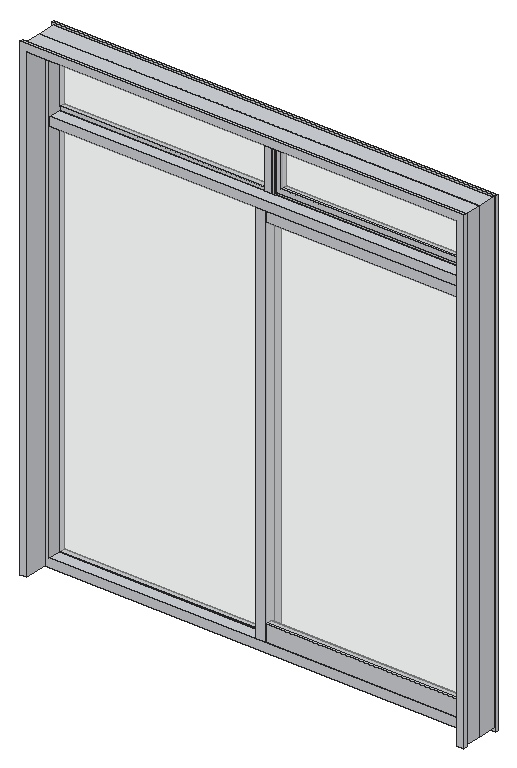
Revit family "APL Residential Thermal Heart Sliding Door SF with Overlight", category Doors, host Wall, Revit 2017 (continued)
Definition of nested family "APL Residential Thermal Heart Sliding Door SF Horizontal Section"
  Definition of nested family "Jamb Stile"
    Definition of nested family "65520_Lock Stile"
      Lines and regions (mm)
        model lines, in view "Ref. Level"
          curve 173: line (2.441, -21.991, 0) -> (2.078, -22.355, 0)
          curve 174: line (1.892, -22.442, 0) -> (-0.474, -22.649, 0)
          curve 175: line (-0.782, -22.247, 0) -> (-0.268, -20.837, 0)
          curve 176: line (0, -20.067, 0) -> (0, -12.5, 0)
          curve 177: line (0, -12.5, 0) -> (0.4, -12.1, 0)
          curve 178: line (0.4, -12.1, 0) -> (0, -11.7, 0)
          curve 179: line (0, -11.7, 0) -> (0, -3.465, 0)
          curve 180: line (-0.5, -2.965, 0) -> (-3.076, -2.965, 0)
          curve 181: line (-1.91, -1.181, 0) -> (3.754, -0.049, 0)
          curve 182: line (4.244, 0, 0) -> (64.615, 0, 0)
          curve 183: line (64.615, -0.75, 0) -> (64.245, -0.75, 0)
          curve 184: line (64.245, -0.75, 0) -> (64.245, -1.9, 0)
          curve 185: line (64.045, -2.1, 0) -> (63.202, -2.1, 0)
          curve 186: line (63.202, -2.1, 0) -> (63.202, -3.365, 0)
          curve 187: line (63.037, -3.562, 0) -> (61.684, -3.8, 0)
          curve 188: line (61.684, -3.8, 0) -> (60.853, -3.8, 0)
          curve 189: line (36.34, -17.25, 0) -> (2.401, -17.25, 0)
          curve 190: line (1.9, -16.75, 0) -> (1.9, -2.767, 0)
          curve 191: line (2.302, -2.276, 0) -> (4.137, -1.91, 0)
          curve 192: line (4.137, -1.91, 0) -> (36.438, -1.91, 0)
          curve 193: line (36.84, -2.4, 0) -> (36.84, -16.75, 0)
          curve 194: arc (36.84, -16.75, 0) -> (36.695, -17.105, 0) -> (36.34, -17.25, 0) r 0.496
          curve 195: arc (5.6, -33.95, 0) -> (5.883, -33.833, 0) -> (6, -33.55, 0) r 0.4
          curve 196: arc (6, -33.257, 0) -> (5.986, -33.154, 0) -> (5.946, -33.057, 0) r 0.4
          curve 197: arc (5.061, -31.529, 0) -> (4.941, -31.239, 0) -> (4.9, -30.928, 0) r 1.2
          curve 198: arc (4.9, -30.005, 0) -> (4.719, -29.432, 0) -> (4.242, -29.066, 0) r 1
          curve 199: arc (2.063, -28.273, 0) -> (1.872, -28.126, 0) -> (1.8, -27.897, 0) r 0.4
          curve 200: arc (1.8, -25.203, 0) -> (1.872, -24.974, 0) -> (2.063, -24.827, 0) r 0.4
          curve 201: arc (4.242, -24.034, 0) -> (4.719, -23.668, 0) -> (4.9, -23.095, 0) r 1
          curve 202: arc (4.9, -22.172, 0) -> (4.941, -21.861, 0) -> (5.061, -21.571, 0) r 1.2
          curve 203: arc (5.946, -20.043, 0) -> (5.986, -19.946, 0) -> (6, -19.843, 0) r 0.4
          curve 204: arc (6, -19.55, 0) -> (5.883, -19.267, 0) -> (5.6, -19.15, 0) r 0.4
          curve 205: arc (2.2, -19.15, 0) -> (1.917, -19.267, 0) -> (1.8, -19.55, 0) r 0.4
          curve 206: arc (1.8, -19.843, 0) -> (1.814, -19.946, 0) -> (1.854, -20.043, 0) r 0.4
          curve 207: arc (2.739, -21.571, 0) -> (2.86, -21.865, 0) -> (2.9, -22.18, 0) r 1.2
          curve 208: arc (2.9, -22.18, 0) -> (2.847, -22.355, 0) -> (2.703, -22.466, 0) r 0.3
          curve 209: arc (0.263, -23.354, 0) -> (0.072, -23.501, 0) -> (0, -23.73, 0) r 0.4
          curve 210: arc (0, -29.37, 0) -> (0.072, -29.599, 0) -> (0.263, -29.746, 0) r 0.4
          curve 211: arc (2.703, -30.634, 0) -> (2.847, -30.745, 0) -> (2.9, -30.92, 0) r 0.3
          curve 212: arc (2.9, -30.92, 0) -> (2.86, -31.235, 0) -> (2.739, -31.529, 0) r 1.2
          curve 213: arc (1.854, -33.057, 0) -> (1.814, -33.154, 0) -> (1.8, -33.257, 0) r 0.4
          curve 214: arc (1.8, -33.55, 0) -> (1.917, -33.833, 0) -> (2.2, -33.95, 0) r 0.4
          curve 215: line (6, -33.55, 0) -> (6, -33.257, 0)
          curve 216: line (5.946, -33.057, 0) -> (5.061, -31.529, 0)
          curve 217: line (4.9, -30.928, 0) -> (4.9, -30.005, 0)
          curve 218: line (4.242, -29.066, 0) -> (2.063, -28.273, 0)
          curve 219: line (1.8, -27.897, 0) -> (1.8, -25.203, 0)
          curve 220: line (2.063, -24.827, 0) -> (4.242, -24.034, 0)
          curve 221: line (4.9, -23.095, 0) -> (4.9, -22.172, 0)
          curve 222: line (5.061, -21.571, 0) -> (5.946, -20.043, 0)
          curve 223: line (6, -19.843, 0) -> (6, -19.55, 0)
          curve 224: line (5.6, -19.15, 0) -> (2.2, -19.15, 0)
          curve 225: line (1.8, -19.55, 0) -> (1.8, -19.843, 0)
          curve 226: line (1.854, -20.043, 0) -> (2.739, -21.571, 0)
          curve 227: line (2.703, -22.466, 0) -> (0.263, -23.354, 0)
          curve 228: line (0, -23.73, 0) -> (0, -29.37, 0)
          curve 229: line (0.263, -29.746, 0) -> (2.703, -30.634, 0)
          curve 230: line (2.739, -31.529, 0) -> (1.854, -33.057, 0)
          curve 231: line (1.8, -33.257, 0) -> (1.8, -33.55, 0)
          curve 232: line (2.2, -33.95, 0) -> (5.6, -33.95, 0)
          curve 233: arc (39.64, -32.8, 0) -> (39.357, -32.683, 0) -> (39.24, -32.4, 0) r 0.4
          curve 234: arc (39.24, -32.107, 0) -> (39.254, -32.004, 0) -> (39.294, -31.907, 0) r 0.4
          curve 235: arc (40.179, -30.379, 0) -> (40.299, -30.089, 0) -> (40.34, -29.778, 0) r 1.2
          curve 236: arc (40.34, -28.855, 0) -> (40.521, -28.282, 0) -> (40.998, -27.916, 0) r 1
          curve 237: arc (43.177, -27.123, 0) -> (43.368, -26.976, 0) -> (43.44, -26.747, 0) r 0.4
          curve 238: arc (43.44, -24.053, 0) -> (43.368, -23.824, 0) -> (43.177, -23.677, 0) r 0.4
          curve 239: arc (40.998, -22.884, 0) -> (40.521, -22.518, 0) -> (40.34, -21.945, 0) r 1
          curve 240: arc (40.34, -21.022, 0) -> (40.299, -20.711, 0) -> (40.179, -20.421, 0) r 1.2
          curve 241: arc (39.294, -18.893, 0) -> (39.254, -18.796, 0) -> (39.24, -18.693, 0) r 0.4
          curve 242: arc (39.24, -18.4, 0) -> (39.357, -18.117, 0) -> (39.64, -18, 0) r 0.4
          curve 243: arc (43.04, -18, 0) -> (43.323, -18.117, 0) -> (43.44, -18.4, 0) r 0.4
          curve 244: arc (43.44, -18.693, 0) -> (43.426, -18.796, 0) -> (43.386, -18.893, 0) r 0.4
          curve 245: arc (42.501, -20.421, 0) -> (42.38, -20.715, 0) -> (42.34, -21.03, 0) r 1.2
          curve 246: arc (42.34, -21.03, 0) -> (42.393, -21.205, 0) -> (42.537, -21.316, 0) r 0.3
          curve 247: arc (44.977, -22.204, 0) -> (45.168, -22.351, 0) -> (45.24, -22.58, 0) r 0.4
          curve 248: arc (45.24, -28.22, 0) -> (45.168, -28.449, 0) -> (44.977, -28.596, 0) r 0.4
          curve 249: arc (42.537, -29.484, 0) -> (42.393, -29.595, 0) -> (42.34, -29.77, 0) r 0.3
          curve 250: arc (42.34, -29.77, 0) -> (42.38, -30.085, 0) -> (42.501, -30.379, 0) r 1.2
          curve 251: arc (43.386, -31.907, 0) -> (43.426, -32.004, 0) -> (43.44, -32.107, 0) r 0.4
          curve 252: arc (43.44, -32.4, 0) -> (43.323, -32.683, 0) -> (43.04, -32.8, 0) r 0.4
          curve 253: line (39.24, -32.4, 0) -> (39.24, -32.107, 0)
          curve 254: line (39.294, -31.907, 0) -> (40.179, -30.379, 0)
          curve 255: line (40.34, -29.778, 0) -> (40.34, -28.855, 0)
          curve 256: line (40.998, -27.916, 0) -> (43.177, -27.123, 0)
          curve 257: line (43.44, -26.747, 0) -> (43.44, -24.053, 0)
          curve 258: line (43.177, -23.677, 0) -> (40.998, -22.884, 0)
          curve 259: line (40.34, -21.945, 0) -> (40.34, -21.022, 0)
          curve 260: line (40.179, -20.421, 0) -> (39.294, -18.893, 0)
          curve 261: line (39.24, -18.693, 0) -> (39.24, -18.4, 0)
          curve 262: line (39.64, -18, 0) -> (43.04, -18, 0)
          curve 263: line (43.44, -18.4, 0) -> (43.44, -18.693, 0)
          curve 264: line (43.386, -18.893, 0) -> (42.501, -20.421, 0)
          curve 265: line (42.537, -21.316, 0) -> (44.977, -22.204, 0)
          curve 266: line (45.24, -22.58, 0) -> (45.24, -28.22, 0)
          curve 267: line (44.977, -28.596, 0) -> (42.537, -29.484, 0)
          curve 268: line (42.501, -30.379, 0) -> (43.386, -31.907, 0)
          curve 269: line (43.44, -32.107, 0) -> (43.44, -32.4, 0)
          curve 270: line (43.04, -32.8, 0) -> (39.64, -32.8, 0)
      Text (mm)
        text "65520" at (24.172, 14.221, 0), in view "Ref. Level"
  Definition of nested family "Glazing Bead"
    Parameters (values of type "Glazing Bead")
      Glass Lenght [instance] = 50 mm
    Reference planes
      plane 1 "Center (Front/Back)": y = 0
      plane 2: z = 0
      plane 3 "Center (Left/Right)": x = 0
      plane 4: y = -50
    Lines and regions (mm)
      Filled region 1, type "Solid Fill - Black", in view "Ref. Level"
        outline origin (0, 0, 0) x (1, 0, 0) y (0, 1, 0)
          loop
            line (4, 0) -> (4, -12) -> (20, -12) -> (20, 0) -> (4, 0)
      model lines, in view "Ref. Level"
        curve 1: line (4, -12, 0) -> (20, -12, 0)
        curve 2: line (0, -50, 0) -> (0, 0, 0)
        curve 3: line (0, 0, 0) -> (24, 0, 0)
        curve 4: line (24, 0, 0) -> (24, -50, 0)
        curve 5: line (20, 0, 0) -> (20, -50, 0)
        curve 6: line (4, 0, 0) -> (4, -50, 0)
      detail lines, in view "Ref. Level"
        curve 7: arc (-0.25, -4.9, 0) -> (0, -5.15, 0) -> (-0.25, -5.4, 0) r 0.25
        curve 8: arc (-0.25, -8.45, 0) -> (0, -8.7, 0) -> (-0.25, -8.95, 0) r 0.25
        curve 9: arc (-0.25, -9.619, 0) -> (0, -9.869, 0) -> (-0.25, -10.119, 0) r 0.25
        curve 10: arc (-0.25, -10.787, 0) -> (0, -11.037, 0) -> (-0.25, -11.287, 0) r 0.25
        curve 11: line (-0.25, -12.456, 0) -> (-1, -12.456, 0)
        curve 12: line (-1, -12.456, 0) -> (-1, -8.45, 0)
        curve 13: line (-1, -8.45, 0) -> (-2.2, -8.45, 0)
        curve 14: line (-2.2, -8.45, 0) -> (-2.2, -9.2, 0)
        curve 15: line (-2.2, -9.2, 0) -> (-2.8, -9.2, 0)
        curve 16: line (-2.8, -9.2, 0) -> (-2.8, -6.1, 0)
        curve 17: line (-2.8, -6.1, 0) -> (-2.2, -6.1, 0)
        curve 18: line (-2.2, -6.1, 0) -> (-2.2, -6.85, 0)
        curve 19: line (-2.2, -6.85, 0) -> (-1, -6.85, 0)
        curve 20: line (-1, -6.85, 0) -> (-1, -4.9, 0)
        curve 21: line (-1, -4.9, 0) -> (-0.25, -4.9, 0)
        curve 22: line (-0.25, -5.4, 0) -> (-0.25, -8.45, 0)
        curve 23: line (-0.25, -8.95, 0) -> (-0.25, -9.619, 0)
        curve 24: line (-0.25, -10.119, 0) -> (-0.25, -10.787, 0)
        curve 25: line (-0.25, -11.287, 0) -> (-0.25, -11.956, 0)
        curve 26: arc (-0.25, -11.956, 0) -> (0, -12.206, 0) -> (-0.25, -12.456, 0) r 0.25
      detail lines, in view "Ref. Level", not visible
        curve 27: arc (-0.25, -4.9, 0) -> (0, -5.15, 0) -> (-0.25, -5.4, 0) r 0.25
        curve 28: arc (-0.25, -8.45, 0) -> (0, -8.7, 0) -> (-0.25, -8.95, 0) r 0.25
        curve 29: arc (-0.25, -9.619, 0) -> (0, -9.869, 0) -> (-0.25, -10.119, 0) r 0.25
        curve 30: arc (-0.25, -10.787, 0) -> (0, -11.037, 0) -> (-0.25, -11.287, 0) r 0.25
        curve 31: line (-0.25, -12.456, 0) -> (-1, -12.456, 0)
        curve 32: line (-1, -12.456, 0) -> (-1, -8.45, 0)
        curve 33: line (-1, -8.45, 0) -> (-2.2, -8.45, 0)
        curve 34: line (-2.2, -8.45, 0) -> (-2.2, -9.2, 0)
        curve 35: line (-2.2, -9.2, 0) -> (-2.8, -9.2, 0)
        curve 36: line (-2.8, -9.2, 0) -> (-2.8, -6.1, 0)
        curve 37: line (-2.8, -6.1, 0) -> (-2.2, -6.1, 0)
        curve 38: line (-2.2, -6.1, 0) -> (-2.2, -6.85, 0)
        curve 39: line (-2.2, -6.85, 0) -> (-1, -6.85, 0)
        curve 40: line (-1, -6.85, 0) -> (-1, -4.9, 0)
        curve 41: line (-1, -4.9, 0) -> (-0.25, -4.9, 0)
        curve 42: line (-0.25, -5.4, 0) -> (-0.25, -8.45, 0)
        curve 43: line (-0.25, -8.95, 0) -> (-0.25, -9.619, 0)
        curve 44: line (-0.25, -10.119, 0) -> (-0.25, -10.787, 0)
        curve 45: line (-0.25, -11.287, 0) -> (-0.25, -11.956, 0)
        curve 46: arc (-0.25, -11.956, 0) -> (0, -12.206, 0) -> (-0.25, -12.456, 0) r 0.25
        curve 47: arc (62.983, -3.041, 0) -> (62.673, -2.901, 0) -> (62.511, -3.2, 0) r 0.25
        curve 48: arc (62.537, -13.088, 0) -> (62.7, -13.387, 0) -> (63.01, -13.247, 0) r 0.25
        curve 49: line (62.511, -3.2, 0) -> (63.505, -7.068, 0)
        curve 50: line (63.505, -7.068, 0) -> (62.502, -7.647, 0)
        curve 51: line (62.502, -7.647, 0) -> (62.502, -8.647, 0)
        curve 52: line (62.502, -8.647, 0) -> (63.527, -9.239, 0)
        curve 53: line (63.527, -9.239, 0) -> (62.537, -13.088, 0)
        curve 54: line (63.01, -13.247, 0) -> (64.734, -9.147, 0)
        curve 55: line (64.734, -9.147, 0) -> (66.002, -9.147, 0)
        curve 56: line (66.002, -9.147, 0) -> (66.002, -10.397, 0)
        curve 57: line (66.002, -10.397, 0) -> (67.002, -10.397, 0)
        curve 58: line (67.002, -10.397, 0) -> (67.002, -5.897, 0)
        curve 59: line (67.002, -5.897, 0) -> (66.002, -5.897, 0)
        curve 60: line (66.002, -5.897, 0) -> (66.002, -7.147, 0)
        curve 61: line (66.002, -7.147, 0) -> (64.71, -7.147, 0)
        curve 62: line (64.71, -7.147, 0) -> (62.983, -3.041, 0)
    Dimensions and locks
      "Glass Lenght": plane 1 "Center (Front/Back)" to plane 4
      aligned and locked: plane 4 to curve 2
      aligned and locked: plane 1 "Center (Front/Back)" to Filled region 1 sketch curve
      aligned and locked: Filled region 1 sketch curve to curve 6
      aligned and locked: Filled region 1 sketch curve to curve 1
      aligned and locked: Filled region 1 sketch curve to curve 5
    Automatic sketch dimensions
      plane 1 "Center (Front/Back)" to curve 2 = 0 mm
      curve 2 to plane 3 "Center (Left/Right)" = 0 mm
      curve 6 to plane 4 = 0 mm
      curve 5 to plane 4 = 0 mm
      curve 4 to plane 4 = 0 mm
      curve 5 to curve 3 = 4 mm
      plane 3 "Center (Left/Right)" to curve 1 = 4 mm
      curve 6 to curve 5 = 16 mm
      plane 1 "Center (Front/Back)" to curve 1 = 12 mm
    Nested families
      nested 1: "65015_Bead" at (-15.5, 6.328, 0), type "65015_Bead", in view "Ref. Level"
    Definition of nested family "65015_Bead"
      Reference planes
        plane 1 "Center (Front/Back)": y = 0
        plane 2: z = 0
        plane 3 "Center (Left/Right)": x = 0
      Lines and regions (mm)
        model lines, in view "Ref. Level"
          curve 1: arc (13.5, 12.78, 0) -> (13.558, 12.92, 0) -> (13.698, 12.978, 0) r 0.198
          curve 2: arc (14.302, 12.978, 0) -> (14.442, 12.918, 0) -> (14.5, 12.777, 0) r 0.201
          curve 3: arc (14.5, 10.175, 0) -> (14.442, 10.036, 0) -> (14.302, 9.978, 0) r 0.198
          curve 4: arc (13.698, 9.978, 0) -> (13.558, 10.036, 0) -> (13.5, 10.175, 0) r 0.198
          curve 5: arc (13.5, 11.027, 0) -> (13.442, 11.169, 0) -> (13.3, 11.228, 0) r 0.2
          curve 6: arc (12.7, 11.228, 0) -> (11.851, 11.579, 0) -> (11.5, 12.428, 0) r 1.2
          curve 7: arc (11.5, 13.628, 0) -> (11.377, 13.813, 0) -> (11.159, 13.769, 0) r 0.2
          curve 8: arc (1.546, 4.157, 0) -> (1.438, 3.995, 0) -> (1.4, 3.804, 0) r 0.5
          curve 9: arc (1.4, 1.817, 0) -> (1.467, 1.567, 0) -> (1.65, 1.384, 0) r 0.5
          curve 10: arc (10.675, -3.827, 0) -> (10.913, -4.714, 0) -> (10.025, -4.952, 0) r 0.65
          curve 11: arc (3.306, -1.073, 0) -> (2.928, -1.023, 0) -> (2.624, -1.254, 0) r 0.5
          curve 12: arc (2.587, -2.129, 0) -> (2.248, -2.45, 0) -> (1.791, -2.352, 0) r 0.5
          curve 13: arc (1.518, -2.123, 0) -> (1.466, -2.054, 0) -> (1.447, -1.97, 0) r 0.2
          curve 14: arc (1.447, -1.115, 0) -> (1.476, -1.011, 0) -> (1.555, -0.938, 0) r 0.2
          curve 15: arc (1.555, -0.938, 0) -> (1.717, -0.809, 0) -> (1.82, -0.63, 0) r 0.55
          curve 16: arc (1.82, -0.63, 0) -> (1.825, -0.452, 0) -> (1.729, -0.302, 0) r 0.3
          curve 17: arc (0.2, 0, 0) -> (0.059, 0.059, 0) -> (0, 0.2, 0) r 0.2
          curve 18: arc (0, 4.383, 0) -> (0.038, 4.575, 0) -> (0.146, 4.737, 0) r 0.5
          curve 19: arc (14.159, 18.749, 0) -> (14.377, 18.792, 0) -> (14.5, 18.608, 0) r 0.2
          curve 20: arc (14.5, 15.172, 0) -> (14.442, 15.034, 0) -> (14.303, 14.978, 0) r 0.194
          curve 21: arc (13.698, 14.978, 0) -> (13.559, 15.038, 0) -> (13.5, 15.177, 0) r 0.203
          curve 22: arc (13.5, 15.528, 0) -> (13.441, 15.669, 0) -> (13.3, 15.728, 0) r 0.201
          curve 23: arc (12.7, 15.728, 0) -> (12.559, 15.669, 0) -> (12.5, 15.528, 0) r 0.2
          curve 24: arc (12.5, 12.428, 0) -> (12.559, 12.286, 0) -> (12.7, 12.228, 0) r 0.2
          curve 25: line (13.5, 12.428, 0) -> (13.5, 12.78, 0)
          curve 26: line (13.698, 12.978, 0) -> (14.302, 12.978, 0)
          curve 27: line (14.5, 12.777, 0) -> (14.5, 10.175, 0)
          curve 28: line (14.302, 9.978, 0) -> (13.698, 9.978, 0)
          curve 29: line (13.5, 10.175, 0) -> (13.5, 11.027, 0)
          curve 30: line (13.3, 11.228, 0) -> (12.7, 11.228, 0)
          curve 31: line (11.5, 12.428, 0) -> (11.5, 13.628, 0)
          curve 32: line (11.159, 13.769, 0) -> (1.546, 4.157, 0)
          curve 33: line (1.4, 3.804, 0) -> (1.4, 1.817, 0)
          curve 34: line (1.65, 1.384, 0) -> (10.675, -3.827, 0)
          curve 35: line (10.025, -4.952, 0) -> (3.306, -1.073, 0)
          curve 36: line (2.597, -1.355, 0) -> (2.597, -2.065, 0)
          curve 37: line (1.791, -2.352, 0) -> (1.518, -2.123, 0)
          curve 38: line (1.518, -2.123, 0) -> (1.447, -1.115, 0)
          curve 39: line (1.729, -0.302, 0) -> (1.425, -0.047, 0)
          curve 40: line (1.425, -0.047, 0) -> (0.2, 0, 0)
          curve 41: line (0, 0.2, 0) -> (0, 4.383, 0)
          curve 42: line (0.146, 4.737, 0) -> (14.159, 18.749, 0)
          curve 43: line (14.5, 18.608, 0) -> (14.5, 15.172, 0)
          curve 44: line (14.303, 14.978, 0) -> (13.698, 14.978, 0)
          curve 45: line (13.5, 15.177, 0) -> (13.5, 15.528, 0)
          curve 46: line (13.3, 15.728, 0) -> (12.7, 15.728, 0)
          curve 47: line (12.5, 15.528, 0) -> (12.5, 12.428, 0)
          curve 48: line (12.7, 12.228, 0) -> (13.3, 12.228, 0)
          curve 49: arc (13.3, 12.228, 0) -> (13.441, 12.286, 0) -> (13.5, 12.428, 0) r 0.2
      Text (mm)
        text "65015" at (32.01, 10.207, 0), in view "Ref. Level"
  Definition of nested family "Glass"
    Parameters (values of type "Glass")
      Glass Lenght [instance] = 50 mm
    Reference planes
      plane 1 "Center (Front/Back)": y = 0
      plane 2: z = 0
      plane 3 "Center (Left/Right)": x = 0
      plane 4: y = -50
    Lines and regions (mm)
      Filled region 1, type "Solid Fill - Black", in view "Ref. Level"
        outline origin (0, 0, 0) x (1, 0, 0) y (0, 1, 0)
          loop
            line (4, 0) -> (4, -12) -> (20, -12) -> (20, 0) -> (4, 0)
      model lines, in view "Ref. Level"
        curve 1: line (4, -12, 0) -> (20, -12, 0)
        curve 2: line (0, -50, 0) -> (0, 0, 0)
        curve 3: line (0, 0, 0) -> (24, 0, 0)
        curve 4: line (24, 0, 0) -> (24, -50, 0)
        curve 5: line (20, 0, 0) -> (20, -50, 0)
        curve 6: line (4, 0, 0) -> (4, -50, 0)
      detail lines, in view "Ref. Level"
        curve 7: arc (25, -11.728, 0) -> (24.979, -11.828, 0) -> (24.92, -11.912, 0) r 0.25
        curve 8: arc (24.161, -12.614, 0) -> (24.042, -12.78, 0) -> (24, -12.981, 0) r 0.5
        curve 9: arc (24, -14.404, 0) -> (24.088, -14.594, 0) -> (24.289, -14.651, 0) r 0.25
        curve 10: arc (28.489, -13.997, 0) -> (28.647, -13.904, 0) -> (28.699, -13.728, 0) r 0.25
        curve 11: arc (27.5, -9.1, 0) -> (27.711, -8.984, 0) -> (27.727, -8.744, 0) r 0.25
        curve 12: arc (26.033, -5.114, 0) -> (25.642, -4.858, 0) -> (25.24, -5.095, 0) r 0.442
        curve 13: arc (24.864, -5.812, 0) -> (24.414, -6.357, 0) -> (24.052, -6.964, 0) r 4.62
        curve 14: arc (24.052, -6.964, 0) -> (24.013, -7.073, 0) -> (24, -7.187, 0) r 0.5
        curve 15: arc (24, -7.743, 0) -> (24.132, -7.931, 0) -> (24.353, -7.871, 0) r 0.2
        curve 16: arc (24.353, -7.871, 0) -> (24.514, -7.711, 0) -> (24.702, -7.581, 0) r 1.262
        curve 17: arc (24.702, -7.581, 0) -> (24.901, -7.583, 0) -> (25, -7.756, 0) r 0.2
        curve 18: arc (25, -8.353, 0) -> (24.962, -8.543, 0) -> (24.855, -8.705, 0) r 0.5
        curve 19: arc (24.855, -8.705, 0) -> (24.408, -9.237, 0) -> (24.051, -9.833, 0) r 4.3
        curve 20: arc (24.051, -9.833, 0) -> (24.013, -9.941, 0) -> (24, -10.054, 0) r 0.5
        curve 21: arc (24, -10.668, 0) -> (24.137, -10.858, 0) -> (24.361, -10.787, 0) r 0.2
        curve 22: arc (24.361, -10.787, 0) -> (24.512, -10.617, 0) -> (24.69, -10.476, 0) r 1.288
        curve 23: arc (24.69, -10.476, 0) -> (24.895, -10.467, 0) -> (25, -10.643, 0) r 0.2
        curve 24: line (24.92, -11.912, 0) -> (24.161, -12.614, 0)
        curve 25: line (24, -12.981, 0) -> (24, -14.404, 0)
        curve 26: line (24.289, -14.651, 0) -> (28.489, -13.997, 0)
        curve 27: line (28.699, -13.728, 0) -> (28.548, -12, 0)
        curve 28: line (28.548, -12, 0) -> (27, -12, 0)
        curve 29: line (27, -12, 0) -> (27, -9.1, 0)
        curve 30: line (27, -9.1, 0) -> (27.5, -9.1, 0)
        curve 31: line (27.727, -8.744, 0) -> (26.033, -5.114, 0)
        curve 32: line (25.24, -5.095, 0) -> (24.864, -5.812, 0)
        curve 33: line (24, -7.187, 0) -> (24, -7.743, 0)
        curve 34: line (25, -7.756, 0) -> (25, -8.353, 0)
        curve 35: line (24, -10.054, 0) -> (24, -10.668, 0)
        curve 36: line (25, -10.643, 0) -> (25, -11.728, 0)
        curve 87: arc (-0.25, -13, 0) -> (0, -12.75, 0) -> (-0.25, -12.5, 0) r 0.25
        curve 88: arc (-0.25, -9.45, 0) -> (0, -9.2, 0) -> (-0.25, -8.95, 0) r 0.25
        curve 89: arc (-0.25, -8.281, 0) -> (0, -8.031, 0) -> (-0.25, -7.781, 0) r 0.25
        curve 90: arc (-0.25, -7.113, 0) -> (0, -6.863, 0) -> (-0.25, -6.613, 0) r 0.25
        curve 91: line (-0.25, -5.444, 0) -> (-1, -5.444, 0)
        curve 92: line (-1, -5.444, 0) -> (-1, -9.45, 0)
        curve 93: line (-1, -9.45, 0) -> (-2.2, -9.45, 0)
        curve 94: line (-2.2, -9.45, 0) -> (-2.2, -8.7, 0)
        curve 95: line (-2.2, -8.7, 0) -> (-2.8, -8.7, 0)
        curve 96: line (-2.8, -8.7, 0) -> (-2.8, -11.8, 0)
        curve 97: line (-2.8, -11.8, 0) -> (-2.2, -11.8, 0)
        curve 98: line (-2.2, -11.8, 0) -> (-2.2, -11.05, 0)
        curve 99: line (-2.2, -11.05, 0) -> (-1, -11.05, 0)
        curve 100: line (-1, -11.05, 0) -> (-1, -13, 0)
        curve 101: line (-1, -13, 0) -> (-0.25, -13, 0)
        curve 102: line (-0.25, -12.5, 0) -> (-0.25, -9.45, 0)
        curve 103: line (-0.25, -8.95, 0) -> (-0.25, -8.281, 0)
        curve 104: line (-0.25, -7.781, 0) -> (-0.25, -7.113, 0)
        curve 105: line (-0.25, -6.613, 0) -> (-0.25, -5.944, 0)
        curve 106: arc (-0.25, -5.944, 0) -> (0, -5.694, 0) -> (-0.25, -5.444, 0) r 0.25
      detail lines, in view "Ref. Level", not visible
        curve 37: arc (-0.25, -4.9, 0) -> (0, -5.15, 0) -> (-0.25, -5.4, 0) r 0.25
        curve 38: arc (-0.25, -8.45, 0) -> (0, -8.7, 0) -> (-0.25, -8.95, 0) r 0.25
        curve 39: arc (-0.25, -9.619, 0) -> (0, -9.869, 0) -> (-0.25, -10.119, 0) r 0.25
        curve 40: arc (-0.25, -10.787, 0) -> (0, -11.037, 0) -> (-0.25, -11.287, 0) r 0.25
        curve 41: line (-0.25, -12.456, 0) -> (-1, -12.456, 0)
        curve 42: line (-1, -12.456, 0) -> (-1, -8.45, 0)
        curve 43: line (-1, -8.45, 0) -> (-2.2, -8.45, 0)
        curve 44: line (-2.2, -8.45, 0) -> (-2.2, -9.2, 0)
        curve 45: line (-2.2, -9.2, 0) -> (-2.8, -9.2, 0)
        curve 46: line (-2.8, -9.2, 0) -> (-2.8, -6.1, 0)
        curve 47: line (-2.8, -6.1, 0) -> (-2.2, -6.1, 0)
        curve 48: line (-2.2, -6.1, 0) -> (-2.2, -6.85, 0)
        curve 49: line (-2.2, -6.85, 0) -> (-1, -6.85, 0)
        curve 50: line (-1, -6.85, 0) -> (-1, -4.9, 0)
        curve 51: line (-1, -4.9, 0) -> (-0.25, -4.9, 0)
        curve 52: line (-0.25, -5.4, 0) -> (-0.25, -8.45, 0)
        curve 53: line (-0.25, -8.95, 0) -> (-0.25, -9.619, 0)
        curve 54: line (-0.25, -10.119, 0) -> (-0.25, -10.787, 0)
        curve 55: line (-0.25, -11.287, 0) -> (-0.25, -11.956, 0)
        curve 56: arc (-0.25, -11.956, 0) -> (0, -12.206, 0) -> (-0.25, -12.456, 0) r 0.25
        curve 57: arc (25, -10.728, 0) -> (24.979, -10.828, 0) -> (24.92, -10.912, 0) r 0.25
        curve 58: arc (24.161, -11.614, 0) -> (24.042, -11.78, 0) -> (24, -11.981, 0) r 0.5
        curve 59: arc (24, -13.404, 0) -> (24.088, -13.594, 0) -> (24.289, -13.651, 0) r 0.25
        curve 60: arc (28.489, -12.997, 0) -> (28.647, -12.904, 0) -> (28.699, -12.728, 0) r 0.25
        curve 61: arc (27.5, -8.1, 0) -> (27.711, -7.984, 0) -> (27.727, -7.744, 0) r 0.25
        curve 62: arc (26.033, -4.114, 0) -> (25.642, -3.858, 0) -> (25.24, -4.095, 0) r 0.442
        curve 63: arc (24.864, -4.812, 0) -> (24.414, -5.357, 0) -> (24.052, -5.964, 0) r 4.62
        curve 64: arc (24.052, -5.964, 0) -> (24.013, -6.073, 0) -> (24, -6.187, 0) r 0.5
        curve 65: arc (24, -6.743, 0) -> (24.132, -6.931, 0) -> (24.353, -6.871, 0) r 0.2
        curve 66: arc (24.353, -6.871, 0) -> (24.514, -6.711, 0) -> (24.702, -6.581, 0) r 1.262
        curve 67: arc (24.702, -6.581, 0) -> (24.901, -6.583, 0) -> (25, -6.756, 0) r 0.2
        curve 68: arc (25, -7.353, 0) -> (24.962, -7.543, 0) -> (24.855, -7.705, 0) r 0.5
        curve 69: arc (24.855, -7.705, 0) -> (24.408, -8.237, 0) -> (24.051, -8.833, 0) r 4.3
        curve 70: arc (24.051, -8.833, 0) -> (24.013, -8.941, 0) -> (24, -9.054, 0) r 0.5
        curve 71: arc (24, -9.668, 0) -> (24.137, -9.858, 0) -> (24.361, -9.787, 0) r 0.2
        curve 72: arc (24.361, -9.787, 0) -> (24.512, -9.617, 0) -> (24.69, -9.476, 0) r 1.288
        curve 73: arc (24.69, -9.476, 0) -> (24.895, -9.467, 0) -> (25, -9.643, 0) r 0.2
        curve 74: line (24.92, -10.912, 0) -> (24.161, -11.614, 0)
        curve 75: line (24, -11.981, 0) -> (24, -13.404, 0)
        curve 76: line (24.289, -13.651, 0) -> (28.489, -12.997, 0)
        curve 77: line (28.699, -12.728, 0) -> (28.548, -11, 0)
        curve 78: line (28.548, -11, 0) -> (27, -11, 0)
        curve 79: line (27, -11, 0) -> (27, -8.1, 0)
        curve 80: line (27, -8.1, 0) -> (27.5, -8.1, 0)
        curve 81: line (27.727, -7.744, 0) -> (26.033, -4.114, 0)
        curve 82: line (25.24, -4.095, 0) -> (24.864, -4.812, 0)
        curve 83: line (24, -6.187, 0) -> (24, -6.743, 0)
        curve 84: line (25, -6.756, 0) -> (25, -7.353, 0)
        curve 85: line (24, -9.054, 0) -> (24, -9.668, 0)
        curve 86: line (25, -9.643, 0) -> (25, -10.728, 0)
    Dimensions and locks
      "Glass Lenght": plane 1 "Center (Front/Back)" to plane 4
      aligned and locked: plane 4 to curve 2
      aligned and locked: plane 1 "Center (Front/Back)" to Filled region 1 sketch curve
      aligned and locked: Filled region 1 sketch curve to curve 6
      aligned and locked: Filled region 1 sketch curve to curve 1
      aligned and locked: Filled region 1 sketch curve to curve 5
    Automatic sketch dimensions
      plane 1 "Center (Front/Back)" to curve 2 = 0 mm
      curve 2 to plane 3 "Center (Left/Right)" = 0 mm
      curve 6 to plane 4 = 0 mm
      curve 5 to plane 4 = 0 mm
      curve 4 to plane 4 = 0 mm
      curve 5 to curve 3 = 4 mm
      curve 1 to curve 1 = 16 mm
      plane 1 "Center (Front/Back)" to curve 1 = 12 mm
      plane 3 "Center (Left/Right)" to curve 6 = 4 mm
Definition of nested family "APL Residential Thermal Heart Sliding Door SF Overlight Horizontal Section"
  Parameters (values of type "Groove Liner")
    Liner End [instance] = 10 mm
    Liner Block = Liner : Liner
    Liner [instance] = 100 mm
    Groove [instance] = 10 mm
    Glass Length [instance] = (Box Width / 2) - 104 mm  # 146 mm
    Glass Fixed Length [instance] = (Box Width / 2) - 46.5 mm  # 203.5 mm
    Box Width [instance] = 500 mm
  Types (2, lengths in mm): name | Liner Block
    Groove Liner | Liner : Liner
    Liner | Liner No Groove : Liner No Groove
  Reference planes
    plane 1 "Center (Front/Back)": y = 39.446
    plane 2: z = 0
    plane 3 "Center (Left/Right)": x = -250.083
    plane 4: x = -500.083
    plane 5: x = -0.083
    plane 6: y = 150.946
    plane 7: y = 150.946
    plane 8: x = 7.417
    plane 9: y = 57.796
  Dimensions and locks
    equal spacing: plane 4, plane 3 "Center (Left/Right)", plane 5
    "Box Width": plane 4 to plane 5
    "Liner": plane 6 to nested 1
    "Liner": plane 7 to nested 2
    plane 8 to plane 5 = 7.5 mm
    locked: nested 5 to plane 3 "Center (Left/Right)" at 16
    locked: nested 3 to nested 4 at 6.351
    locked: nested 3 to nested 4 at 30.351
    locked: nested 1 to nested 3 at 22.397
    locked: nested 6 to nested 8 at 6
    locked: plane 3 "Center (Left/Right)" to nested 8 at 45
    locked: nested 5 to nested 6 at 6
    locked: nested 9 to nested 7 at 6
    locked: nested 9 to plane 5 at 59
    nested 6 to nested 6 to nested 6 = 10 mm locked, 10 mm locked
    locked: nested 7 to nested 2 at 22.397
    aligned and locked: nested 2 to plane 7
    aligned and locked: nested 7 to plane 5
  Nested families
    nested 1: "Liner" at (-479.48, 150.946, 0) x (0, 1, 0) z (0, 0, 1), type <- "Liner Block", type "Liner", in view "Ref. Level", detail levels medium
      with built-in parameter 1001306 0.32808 (stored number, unit not read)
    nested 2: "Liner" at (-20.687, 150.946, 0) x (0, 1, 0) z (0, 0, 1), type <- "Liner Block", type "Liner", in view "Ref. Level", detail levels medium
      with built-in parameter 1001306 0.32808 (stored number, unit not read)
    nested 3: "Jamb Fixed" at (-500.083, 39.446, 0), type "Jamb Fixed", in view "Ref. Level", detail levels medium
    nested 4: "Glazing Bead" at (-469.732, 54.946, 0) x (0, 1, 0) z (0, 0, 1), Glass Lenght <- "Glass Fixed Length", type "Glazing Bead", in view "Ref. Level", detail levels medium
      with Glass Lenght 203.5 mm
    nested 5: "Glazing Bead" at (-266.083, 54.946, 0) x (0, 1, 0) z (0, 0, 1), Glass Lenght <- "Glass Fixed Length", type "Glazing Bead", in view "Ref. Level", detail levels medium
      with Glass Lenght 203.5 mm
    nested 6: "Sash Mullion-Transom" at (-250.083, 79.546, 0) x (0, 1, 0) z (0, 0, 1), type "Sash Mullion-Transom", in view "Ref. Level", detail levels medium
    nested 7: "Jamb&Sash" at (-0.083, 39.446, 0) x (-1, 0, 0) z (0, 0, 1), type "Jamb&Sash", in view "Ref. Level", detail levels medium
    nested 8: "Glazing" at (-205.083, 46.046, 0) x (0, 1, 0) z (0, 0, 1), Glass Lenght <- "Glass Length", type "Glazing", in view "Ref. Level", detail levels medium
      with Glass Lenght 146 mm
    nested 9: "Glazing" at (-59.083, 46.046, 0) x (0, 1, 0) z (0, 0, 1), Glass Lenght <- "Glass Length", type "Glazing", in view "Ref. Level", detail levels medium
      with Glass Lenght 146 mm
  Definition of nested family "Liner"
    Parameters (values of type "Liner")
      Type Image = (empty or 0)
      built-in parameter 1001306 [instance] = 100 mm
      Groove [instance] = 10 mm
      End Liner [instance] = 10 mm
    Reference planes
      plane 1 "Center (Front/Back)": y = 0
      plane 2: z = 0
      plane 3 "Left": x = 0
      plane 4 "Right": x = 100
    Lines and regions (mm)
      Filled region 1, type "Brick", in view "Ref. Level"
        outline origin (0, 0, 0) x (1, 0, 0) y (0, 1, 0)
          loop
            line (0, 0) -> (120, 0) -> (120, 19) -> (110, 19) -> (110, 13.435) -> (100, 13.435) -> (100, 19) -> (0, 19) -> (0, 0)
      reference lines, in view "Ref. Level"
        curve 1: line (0, 0, 0) -> (100, 0, 0)
      detail lines, in view "Ref. Level", detail levels fine
        curve 2: line (100, 0, 0) -> (0, 0, 0)
    Dimensions and locks
      "built-in parameter 1001306": plane 3 "Left" to plane 4 "Right"
      locked: Filled region 1 to curve 2 at 19
      "Groove": plane 4 "Right" to Filled region 1
      "End Liner": Filled region 1 to Filled region 1
      aligned and locked: plane 1 "Center (Front/Back)" to curve 1
      aligned and locked: plane 3 "Left" to curve 1
      aligned and locked: plane 4 "Right" to curve 1
      aligned and locked: curve 1 to Filled region 1
      aligned and locked: plane 1 "Center (Front/Back)" to Filled region 1
      aligned and locked: Filled region 1 to plane 3 "Left"
    Automatic sketch dimensions
      curve 2 to plane 4 "Right" = 0 mm
      Filled region 1 sketch curve to plane 3 "Left" = 0 mm
      Filled region 1 sketch curve to plane 4 "Right" = 0 mm
      Filled region 1 sketch curve to Filled region 1 sketch curve = 10 mm  (x2)
      Filled region 1 sketch curve to plane 1 "Center (Front/Back)" = 0 mm
      Filled region 1 sketch curve to plane 1 "Center (Front/Back)" = 13.435 mm
      Filled region 1 sketch curve to Filled region 1 sketch curve = 5.565 mm  (x2)
      curve 2 to plane 3 "Left" = 0 mm
  Definition of nested family "Jamb Fixed"
    Reference planes
      plane 1 "Center (Front/Back)": y = 0
      plane 2: z = 0
      plane 3 "Center (Left/Right)": x = 0
    Lines and regions (mm)
      detail lines, in view "Ref. Level"
        curve 1: arc (34.145, 40.782, 0) -> (34.004, 40.472, 0) -> (34.304, 40.309, 0) r 0.25
        curve 2: arc (44.192, 40.336, 0) -> (44.491, 40.498, 0) -> (44.351, 40.808, 0) r 0.25
        curve 3: line (34.304, 40.309, 0) -> (38.171, 41.303, 0)
        curve 4: line (38.171, 41.303, 0) -> (38.75, 40.3, 0)
        curve 5: line (38.75, 40.3, 0) -> (39.75, 40.3, 0)
        curve 6: line (39.75, 40.3, 0) -> (40.342, 41.325, 0)
        curve 7: line (40.342, 41.325, 0) -> (44.192, 40.336, 0)
        curve 8: line (44.351, 40.808, 0) -> (40.25, 42.532, 0)
        curve 9: line (40.25, 42.532, 0) -> (40.25, 43.8, 0)
        curve 10: line (40.25, 43.8, 0) -> (41.5, 43.8, 0)
        curve 11: line (41.5, 43.8, 0) -> (41.5, 44.8, 0)
        curve 12: line (41.5, 44.8, 0) -> (37, 44.8, 0)
        curve 13: line (37, 44.8, 0) -> (37, 43.8, 0)
        curve 14: line (37, 43.8, 0) -> (38.25, 43.8, 0)
        curve 15: line (38.25, 43.8, 0) -> (38.25, 42.508, 0)
        curve 16: line (38.25, 42.508, 0) -> (34.145, 40.782, 0)
      detail lines, in view "Ref. Level", not visible
        curve 17: arc (33.161, -9.933, 0) -> (32.851, -9.793, 0) -> (32.689, -10.092, 0) r 0.25
        curve 18: arc (32.715, -19.98, 0) -> (32.877, -20.279, 0) -> (33.188, -20.139, 0) r 0.25
        curve 19: line (32.689, -10.092, 0) -> (33.683, -13.959, 0)
        curve 20: line (33.683, -13.959, 0) -> (32.679, -14.539, 0)
        curve 21: line (32.679, -14.539, 0) -> (32.679, -15.539, 0)
        curve 22: line (32.679, -15.539, 0) -> (33.705, -16.131, 0)
        curve 23: line (33.705, -16.131, 0) -> (32.715, -19.98, 0)
        curve 24: line (33.188, -20.139, 0) -> (34.912, -16.039, 0)
        curve 25: line (34.912, -16.039, 0) -> (36.179, -16.039, 0)
        curve 26: line (36.179, -16.039, 0) -> (36.179, -17.289, 0)
        curve 27: line (36.179, -17.289, 0) -> (37.179, -17.289, 0)
        curve 28: line (37.179, -17.289, 0) -> (37.179, -12.789, 0)
        curve 29: line (37.179, -12.789, 0) -> (36.179, -12.789, 0)
        curve 30: line (36.179, -12.789, 0) -> (36.179, -14.039, 0)
        curve 31: line (36.179, -14.039, 0) -> (34.887, -14.039, 0)
        curve 32: line (34.887, -14.039, 0) -> (33.161, -9.933, 0)
    Nested families
      nested 1: "65400_Jamb Fixed" at (43, 0, 0) x (0, 1, 0) z (0, 0, 1), type "65400_Jamb Fixed", in view "Ref. Level"
      nested 2: "65585_Infill" at (43, 110.375, 0) x (0, -1, 0) z (0, 0, 1), type "65585_Infill", in view "Ref. Level"
    Definition of nested family "65400_Jamb Fixed"
      Reference planes
        plane 1 "Center (Front/Back)": y = 0
        plane 2: z = 0
        plane 3 "Center (Left/Right)": x = 0
      Lines and regions (mm)
        detail lines, in view "Ref. Level"
          curve 1: arc (46.1, 18.8, 0) -> (45.602, 20.002, 0) -> (44.4, 20.5, 0) r 1.7
          curve 2: arc (29.9, 20.5, 0) -> (29.546, 20.646, 0) -> (29.4, 21, 0) r 0.5
          curve 3: arc (29.4, 34.099, 0) -> (29.546, 34.453, 0) -> (29.9, 34.6, 0) r 0.5
          curve 4: arc (36.605, 34.6, 0) -> (37.013, 34.521, 0) -> (37.363, 34.296, 0) r 1.1
          curve 5: arc (37.363, 34.296, 0) -> (38.199, 33.684, 0) -> (39.189, 33.379, 0) r 3.126
          curve 6: arc (62.286, 32.2, 0) -> (62.738, 31.881, 0) -> (63.285, 31.958, 0) r 0.75
          curve 7: arc (63.285, 31.958, 0) -> (64.2, 32.2, 0) -> (65.115, 31.958, 0) r 1.85
          curve 8: arc (65.115, 31.958, 0) -> (65.281, 31.888, 0) -> (65.459, 31.86, 0) r 0.75
          curve 9: arc (65.459, 31.86, 0) -> (65.663, 31.808, 0) -> (65.828, 31.676, 0) r 0.5
          curve 10: arc (65.828, 31.676, 0) -> (66.3, 30.35, 0) -> (65.828, 29.024, 0) r 2.1
          curve 11: arc (65.828, 29.024, 0) -> (65.663, 28.892, 0) -> (65.459, 28.84, 0) r 0.5
          curve 12: arc (65.459, 28.84, 0) -> (65.281, 28.812, 0) -> (65.115, 28.742, 0) r 0.75
          curve 13: arc (65.115, 28.742, 0) -> (63.721, 28.563, 0) -> (62.604, 29.415, 0) r 1.85
          curve 14: arc (62.604, 29.415, 0) -> (61.577, 29.683, 0) -> (61.309, 28.657, 0) r 0.75
          curve 15: arc (61.309, 28.657, 0) -> (62.349, 27.558, 0) -> (63.765, 27.028, 0) r 3.35
          curve 16: arc (63.765, 27.028, 0) -> (64.076, 26.862, 0) -> (64.2, 26.533, 0) r 0.5
          curve 17: arc (64.2, 17.483, 0) -> (64.489, 15.565, 0) -> (65.33, 13.818, 0) r 6.5
          curve 18: arc (65.33, 13.818, 0) -> (65.978, 12.474, 0) -> (66.2, 11, 0) r 5
          curve 19: arc (66.2, 1.9, 0) -> (66.054, 1.546, 0) -> (65.7, 1.4, 0) r 0.5
          curve 20: arc (47, 1.4, 0) -> (46.646, 1.546, 0) -> (46.5, 1.9, 0) r 0.5
          curve 21: arc (46.5, 6.5, 0) -> (46.396, 7.048, 0) -> (46.1, 7.52, 0) r 1.5
          curve 22: arc (24.183, 34.774, 0) -> (24.053, 34.838, 0) -> (24, 34.973, 0) r 0.2
          curve 23: arc (24.399, 37.321, 0) -> (24.668, 37.608, 0) -> (25.06, 37.613, 0) r 0.5
          curve 24: arc (25.06, 37.613, 0) -> (25.236, 37.7, 0) -> (25.42, 37.633, 0) r 0.25
          curve 25: arc (25.42, 37.633, 0) -> (25.563, 37.502, 0) -> (25.569, 37.309, 0) r 0.25
          curve 26: arc (26.823, 36.544, 0) -> (26.898, 36.511, 0) -> (26.979, 36.5, 0) r 0.3
          curve 27: arc (27.5, 36.5, 0) -> (27.658, 36.578, 0) -> (27.694, 36.75, 0) r 0.2
          curve 28: arc (27.5, 40.753, 0) -> (27.526, 40.875, 0) -> (27.6, 40.976, 0) r 0.3
          curve 29: arc (27.6, 40.976, 0) -> (27.664, 41.343, 0) -> (27.322, 41.49, 0) r 0.3
          curve 30: arc (25.179, 40.957, 0) -> (25.09, 40.905, 0) -> (25.038, 40.816, 0) r 0.2
          curve 31: arc (24.993, 40.648, 0) -> (24.852, 40.507, 0) -> (24.659, 40.559, 0) r 0.2
          curve 32: arc (24.295, 40.922, 0) -> (24.235, 41.008, 0) -> (24.208, 41.108, 0) r 0.3
          curve 33: arc (24.001, 43.474, 0) -> (24.117, 43.738, 0) -> (24.403, 43.782, 0) r 0.3
          curve 34: arc (25.813, 43.268, 0) -> (25.939, 43.181, 0) -> (26.005, 43.043, 0) r 0.3
          curve 35: arc (26.005, 43.043, 0) -> (26.278, 42.801, 0) -> (26.583, 43, 0) r 0.3
          curve 36: arc (28.9, 43, 0) -> (29.254, 42.854, 0) -> (29.4, 42.5, 0) r 0.5
          curve 37: arc (29.4, 36.9, 0) -> (29.546, 36.546, 0) -> (29.9, 36.4, 0) r 0.499
          curve 38: arc (37.767, 36.4, 0) -> (38.931, 36.165, 0) -> (39.913, 35.497, 0) r 2.996
          curve 39: arc (39.913, 35.497, 0) -> (40.232, 35.27, 0) -> (40.611, 35.169, 0) r 1.1
          curve 40: arc (68.1, 34.1, 0) -> (68.241, 34.159, 0) -> (68.3, 34.3, 0) r 0.2
          curve 41: arc (68.3, 42.5, 0) -> (68.446, 42.854, 0) -> (68.8, 43, 0) r 0.5
          curve 42: arc (71.117, 43, 0) -> (71.422, 42.801, 0) -> (71.695, 43.043, 0) r 0.3
          curve 43: arc (71.695, 43.043, 0) -> (71.761, 43.181, 0) -> (71.887, 43.268, 0) r 0.3
          curve 44: arc (73.297, 43.782, 0) -> (73.583, 43.738, 0) -> (73.699, 43.474, 0) r 0.3
          curve 45: arc (73.492, 41.108, 0) -> (73.465, 41.008, 0) -> (73.405, 40.922, 0) r 0.3
          curve 46: arc (73.041, 40.559, 0) -> (72.848, 40.507, 0) -> (72.707, 40.648, 0) r 0.2
          curve 47: arc (72.662, 40.816, 0) -> (72.61, 40.905, 0) -> (72.521, 40.957, 0) r 0.2
          curve 48: arc (70.378, 41.49, 0) -> (70.036, 41.343, 0) -> (70.1, 40.976, 0) r 0.3
          curve 49: arc (70.1, 40.976, 0) -> (70.174, 40.875, 0) -> (70.2, 40.753, 0) r 0.3
          curve 50: arc (70.006, 36.75, 0) -> (70.042, 36.578, 0) -> (70.2, 36.5, 0) r 0.2
          curve 51: arc (70.721, 36.5, 0) -> (70.802, 36.511, 0) -> (70.877, 36.544, 0) r 0.3
          curve 52: arc (72.131, 37.309, 0) -> (72.137, 37.502, 0) -> (72.28, 37.633, 0) r 0.25
          curve 53: arc (72.28, 37.633, 0) -> (72.55, 37.679, 0) -> (72.7, 37.45, 0) r 0.25
          curve 54: arc (72.7, 35.876, 0) -> (72.618, 35.478, 0) -> (72.385, 35.146, 0) r 1
          curve 55: arc (72.385, 35.146, 0) -> (72.322, 35, 0) -> (72.385, 34.854, 0) r 0.2
          curve 56: arc (72.385, 34.854, 0) -> (72.618, 34.523, 0) -> (72.7, 34.126, 0) r 1
          curve 57: arc (72.7, 32.551, 0) -> (72.573, 32.332, 0) -> (72.32, 32.337, 0) r 0.25
          curve 58: arc (72.234, 32.389, 0) -> (72.128, 32.521, 0) -> (72.131, 32.691, 0) r 0.25
          curve 59: arc (70.877, 33.456, 0) -> (70.802, 33.489, 0) -> (70.721, 33.5, 0) r 0.3
          curve 60: arc (70.2, 33.5, 0) -> (70.042, 33.422, 0) -> (70.006, 33.25, 0) r 0.2
          curve 61: arc (70.2, 29.247, 0) -> (70.174, 29.124, 0) -> (70.1, 29.024, 0) r 0.3
          curve 62: arc (70.1, 29.024, 0) -> (70.02, 28.693, 0) -> (70.3, 28.5, 0) r 0.3
          curve 63: arc (72.521, 29.043, 0) -> (72.61, 29.095, 0) -> (72.662, 29.184, 0) r 0.2
          curve 64: arc (72.707, 29.352, 0) -> (72.848, 29.493, 0) -> (73.041, 29.441, 0) r 0.2
          curve 65: arc (73.405, 29.078, 0) -> (73.465, 28.992, 0) -> (73.492, 28.892, 0) r 0.3
          curve 66: arc (73.699, 26.526, 0) -> (73.583, 26.262, 0) -> (73.297, 26.218, 0) r 0.3
          curve 67: arc (71.887, 26.732, 0) -> (71.761, 26.819, 0) -> (71.695, 26.957, 0) r 0.3
          curve 68: arc (71.695, 26.957, 0) -> (71.422, 27.199, 0) -> (71.117, 27, 0) r 0.3
          curve 69: arc (66.201, 27, 0) -> (65.847, 26.854, 0) -> (65.7, 26.5, 0) r 0.5
          curve 70: arc (65.7, 17.481, 0) -> (65.922, 16.006, 0) -> (66.57, 14.663, 0) r 5
          curve 71: arc (66.57, 14.663, 0) -> (67.411, 12.917, 0) -> (67.7, 11, 0) r 6.5
          curve 72: arc (67.7, 9.9, 0) -> (67.759, 9.759, 0) -> (67.9, 9.7, 0) r 0.2
          curve 73: arc (69.3, 9.7, 0) -> (69.441, 9.759, 0) -> (69.5, 9.9, 0) r 0.2
          curve 74: arc (69.5, 10.2, 0) -> (70, 10.701, 0) -> (70.5, 10.2, 0) r 0.5
          curve 75: arc (70.5, 7.649, 0) -> (69.999, 7.15, 0) -> (69.5, 7.65, 0) r 0.5
          curve 76: arc (69.5, 8.5, 0) -> (69.441, 8.641, 0) -> (69.3, 8.7, 0) r 0.2
          curve 77: arc (67.9, 8.7, 0) -> (67.759, 8.641, 0) -> (67.7, 8.5, 0) r 0.2
          curve 78: arc (67.7, 1.2, 0) -> (67.759, 1.059, 0) -> (67.9, 1, 0) r 0.2
          curve 79: arc (69.3, 1, 0) -> (69.441, 1.059, 0) -> (69.5, 1.2, 0) r 0.2
          curve 80: arc (69.5, 2.05, 0) -> (70, 2.551, 0) -> (70.5, 2.05, 0) r 0.5
          curve 81: arc (70.5, 0.501, 0) -> (70.354, 0.147, 0) -> (70, 0, 0) r 0.5
          curve 82: arc (42.7, 0, 0) -> (42.559, 0.059, 0) -> (42.5, 0.2, 0) r 0.2
          curve 83: arc (42.5, 1.75, 0) -> (43, 2.251, 0) -> (43.5, 1.75, 0) r 0.5
          curve 84: arc (43.5, 1.2, 0) -> (43.559, 1.059, 0) -> (43.7, 1, 0) r 0.2
          curve 85: arc (44.8, 1, 0) -> (44.941, 1.059, 0) -> (45, 1.2, 0) r 0.2
          curve 86: arc (45, 6.3, 0) -> (44.941, 6.441, 0) -> (44.8, 6.5, 0) r 0.2
          curve 87: arc (43.7, 6.5, 0) -> (43.559, 6.441, 0) -> (43.5, 6.3, 0) r 0.2
          curve 88: arc (43.5, 5.75, 0) -> (43, 5.251, 0) -> (42.5, 5.75, 0) r 0.5
          curve 89: arc (42.5, 6.5, 0) -> (42.793, 7.207, 0) -> (43.5, 7.5, 0) r 1
          curve 90: arc (44.395, 7.5, 0) -> (44.539, 7.557, 0) -> (44.6, 7.7, 0) r 0.202
          curve 91: arc (44.6, 18.8, 0) -> (44.538, 18.942, 0) -> (44.395, 19, 0) r 0.205
          curve 92: arc (26.583, 19, 0) -> (26.278, 19.199, 0) -> (26.005, 18.957, 0) r 0.3
          curve 93: arc (26.005, 18.957, 0) -> (25.939, 18.819, 0) -> (25.813, 18.732, 0) r 0.3
          curve 94: arc (24.403, 18.218, 0) -> (24.117, 18.262, 0) -> (24.001, 18.526, 0) r 0.3
          curve 95: arc (24.208, 20.892, 0) -> (24.235, 20.992, 0) -> (24.295, 21.078, 0) r 0.3
          curve 96: arc (24.659, 21.441, 0) -> (24.852, 21.493, 0) -> (24.993, 21.352, 0) r 0.2
          curve 97: arc (25.038, 21.184, 0) -> (25.09, 21.095, 0) -> (25.179, 21.043, 0) r 0.2
          curve 98: arc (27.322, 20.51, 0) -> (27.664, 20.657, 0) -> (27.6, 21.024, 0) r 0.3
          curve 99: arc (27.6, 21.024, 0) -> (27.526, 21.125, 0) -> (27.5, 21.247, 0) r 0.3
          curve 100: arc (27.694, 25.25, 0) -> (27.658, 25.422, 0) -> (27.5, 25.5, 0) r 0.2
          curve 101: arc (26.979, 25.5, 0) -> (26.898, 25.489, 0) -> (26.823, 25.456, 0) r 0.3
          curve 102: arc (25.569, 24.691, 0) -> (25.563, 24.498, 0) -> (25.42, 24.367, 0) r 0.25
          curve 103: arc (25.42, 24.367, 0) -> (25.15, 24.321, 0) -> (25, 24.55, 0) r 0.25
          curve 104: arc (25, 26.126, 0) -> (25.128, 26.615, 0) -> (25.479, 26.979, 0) r 1
          curve 105: line (46.1, 7.52, 0) -> (46.1, 18.8, 0)
          curve 106: line (44.4, 20.5, 0) -> (29.9, 20.5, 0)
          curve 107: line (29.4, 21, 0) -> (29.4, 34.099, 0)
          curve 108: line (29.9, 34.6, 0) -> (36.605, 34.6, 0)
          curve 109: line (39.189, 33.379, 0) -> (53.629, 32.2, 0)
          curve 110: line (53.629, 32.2, 0) -> (62.286, 32.2, 0)
          curve 111: line (64.2, 26.533, 0) -> (64.2, 17.483, 0)
          curve 112: line (66.2, 11, 0) -> (66.2, 1.9, 0)
          curve 113: line (65.7, 1.4, 0) -> (47, 1.4, 0)
          curve 114: line (46.5, 1.9, 0) -> (46.5, 6.5, 0)
          curve 115: line (27.317, 34.499, 0) -> (24.183, 34.774, 0)
          curve 116: line (24, 34.973, 0) -> (24, 36.224, 0)
          curve 117: line (24, 36.224, 0) -> (24.399, 37.321, 0)
          curve 118: line (25.569, 37.309, 0) -> (26.823, 36.544, 0)
          curve 119: line (26.979, 36.5, 0) -> (27.5, 36.5, 0)
          curve 120: line (27.694, 36.75, 0) -> (27.5, 37.5, 0)
          curve 121: line (27.5, 37.525, 0) -> (27.5, 40.753, 0)
          curve 122: line (27.312, 41.528, 0) -> (25.179, 40.957, 0)
          curve 123: line (25.038, 40.816, 0) -> (24.993, 40.648, 0)
          curve 124: line (24.659, 40.559, 0) -> (24.295, 40.922, 0)
          curve 125: line (24.208, 41.108, 0) -> (24.001, 43.474, 0)
          curve 126: line (24.403, 43.782, 0) -> (25.813, 43.268, 0)
          curve 127: line (26.583, 43, 0) -> (28.9, 43, 0)
          curve 128: line (29.4, 42.5, 0) -> (29.4, 36.9, 0)
          curve 129: line (29.9, 36.4, 0) -> (33.5, 36.4, 0)
          curve 130: line (33.5, 36.4, 0) -> (33.9, 36, 0)
          curve 131: line (33.9, 36, 0) -> (34.3, 36.4, 0)
          curve 132: line (34.3, 36.4, 0) -> (37.767, 36.4, 0)
          curve 133: line (40.611, 35.169, 0) -> (53.707, 34.1, 0)
          curve 134: line (53.707, 34.1, 0) -> (58.307, 34.1, 0)
          curve 135: line (58.307, 34.1, 0) -> (58.707, 33.7, 0)
          curve 136: line (58.707, 33.7, 0) -> (59.107, 34.1, 0)
          curve 137: line (59.107, 34.1, 0) -> (68.1, 34.1, 0)
          curve 138: line (68.3, 34.3, 0) -> (68.3, 42.5, 0)
          curve 139: line (68.8, 43, 0) -> (71.117, 43, 0)
          curve 140: line (71.887, 43.268, 0) -> (73.297, 43.782, 0)
          curve 141: line (73.699, 43.474, 0) -> (73.492, 41.108, 0)
          curve 142: line (73.405, 40.922, 0) -> (73.041, 40.559, 0)
          curve 143: line (72.707, 40.648, 0) -> (72.662, 40.816, 0)
          curve 144: line (72.521, 40.957, 0) -> (70.388, 41.528, 0)
          curve 145: line (70.2, 40.753, 0) -> (70.2, 37.525, 0)
          curve 146: line (70.2, 37.5, 0) -> (70.006, 36.75, 0)
          curve 147: line (70.2, 36.5, 0) -> (70.721, 36.5, 0)
          curve 148: line (70.877, 36.544, 0) -> (72.131, 37.309, 0)
          curve 149: line (72.7, 37.45, 0) -> (72.7, 35.876, 0)
          curve 150: line (72.7, 34.126, 0) -> (72.7, 32.551, 0)
          curve 151: line (72.131, 32.691, 0) -> (70.877, 33.456, 0)
          curve 152: line (70.721, 33.5, 0) -> (70.2, 33.5, 0)
          curve 153: line (70.006, 33.25, 0) -> (70.2, 32.5, 0)
          curve 154: line (70.2, 32.475, 0) -> (70.2, 29.247, 0)
          curve 155: line (70.532, 28.51, 0) -> (72.521, 29.043, 0)
          curve 156: line (72.662, 29.184, 0) -> (72.707, 29.352, 0)
          curve 157: line (73.041, 29.441, 0) -> (73.405, 29.078, 0)
          curve 158: line (73.492, 28.892, 0) -> (73.699, 26.526, 0)
          curve 159: line (73.297, 26.218, 0) -> (71.887, 26.732, 0)
          curve 160: line (71.117, 27, 0) -> (66.201, 27, 0)
          curve 161: line (65.7, 26.5, 0) -> (65.7, 17.481, 0)
          curve 162: line (67.7, 11, 0) -> (67.7, 9.9, 0)
          curve 163: line (67.9, 9.7, 0) -> (69.3, 9.7, 0)
          curve 164: line (69.5, 9.9, 0) -> (69.5, 10.2, 0)
          curve 165: line (70.5, 10.2, 0) -> (70.5, 7.649, 0)
          curve 166: line (69.5, 7.65, 0) -> (69.5, 8.5, 0)
          curve 167: line (69.3, 8.7, 0) -> (67.9, 8.7, 0)
          curve 168: line (67.7, 8.5, 0) -> (67.7, 1.2, 0)
          curve 169: line (67.9, 1, 0) -> (69.3, 1, 0)
          curve 170: line (69.5, 1.2, 0) -> (69.5, 2.05, 0)
          curve 171: line (70.5, 2.05, 0) -> (70.5, 0.501, 0)
          curve 172: line (70, 0, 0) -> (42.7, 0, 0)
          curve 173: line (42.5, 0.2, 0) -> (42.5, 1.75, 0)
          curve 174: line (43.5, 1.75, 0) -> (43.5, 1.2, 0)
          curve 175: line (43.7, 1, 0) -> (44.8, 1, 0)
          curve 176: line (45, 1.2, 0) -> (45, 6.3, 0)
          curve 177: line (44.8, 6.5, 0) -> (43.7, 6.5, 0)
          curve 178: line (43.5, 6.3, 0) -> (43.5, 5.75, 0)
          curve 179: line (42.5, 5.75, 0) -> (42.5, 6.5, 0)
          curve 180: line (43.5, 7.5, 0) -> (44.395, 7.5, 0)
          curve 181: line (44.6, 7.7, 0) -> (44.6, 18.8, 0)
          curve 182: line (44.395, 19, 0) -> (34.3, 19, 0)
          curve 183: line (34.3, 19, 0) -> (33.9, 19.4, 0)
          curve 184: line (33.9, 19.4, 0) -> (33.5, 19, 0)
          curve 185: line (33.5, 19, 0) -> (26.583, 19, 0)
          curve 186: line (25.813, 18.732, 0) -> (24.403, 18.218, 0)
          curve 187: line (24.001, 18.526, 0) -> (24.208, 20.892, 0)
          curve 188: line (24.295, 21.078, 0) -> (24.659, 21.441, 0)
          curve 189: line (24.993, 21.352, 0) -> (25.038, 21.184, 0)
          curve 190: line (25.179, 21.043, 0) -> (27.312, 20.472, 0)
          curve 191: line (27.5, 21.247, 0) -> (27.5, 24.475, 0)
          curve 192: line (27.5, 24.5, 0) -> (27.694, 25.25, 0)
          curve 193: line (27.5, 25.5, 0) -> (26.979, 25.5, 0)
          curve 194: line (26.823, 25.456, 0) -> (25.569, 24.691, 0)
          curve 195: line (25, 24.55, 0) -> (25, 26.126, 0)
          curve 196: line (25.479, 26.979, 0) -> (26.284, 27.471, 0)
          curve 197: line (26.389, 27.5, 0) -> (27.5, 27.5, 0)
          curve 198: line (27.5, 27.5, 0) -> (27.5, 34.3, 0)
          curve 199: arc (27.5, 34.3, 0) -> (27.447, 34.435, 0) -> (27.317, 34.499, 0) r 0.2
          curve 200: arc (70.2, 32.6, 0) -> (70.317, 32.883, 0) -> (70.6, 33, 0) r 0.4
          curve 201: arc (70.893, 33, 0) -> (70.996, 32.986, 0) -> (71.093, 32.946, 0) r 0.4
          curve 202: arc (72.621, 32.061, 0) -> (72.911, 31.941, 0) -> (73.222, 31.9, 0) r 1.2
          curve 203: arc (74.145, 31.9, 0) -> (74.718, 31.719, 0) -> (75.084, 31.242, 0) r 1
          curve 204: arc (75.877, 29.063, 0) -> (76.024, 28.872, 0) -> (76.253, 28.8, 0) r 0.4
          curve 205: arc (78.947, 28.8, 0) -> (79.176, 28.872, 0) -> (79.323, 29.063, 0) r 0.4
          curve 206: arc (80.116, 31.242, 0) -> (80.482, 31.719, 0) -> (81.055, 31.9, 0) r 1
          curve 207: arc (81.978, 31.9, 0) -> (82.289, 31.941, 0) -> (82.579, 32.061, 0) r 1.2
          curve 208: arc (84.107, 32.946, 0) -> (84.204, 32.986, 0) -> (84.307, 33, 0) r 0.4
          curve 209: arc (84.6, 33, 0) -> (84.883, 32.883, 0) -> (85, 32.6, 0) r 0.4
          curve 210: arc (85, 29.2, 0) -> (84.883, 28.917, 0) -> (84.6, 28.8, 0) r 0.4
          curve 211: arc (84.307, 28.8, 0) -> (84.204, 28.814, 0) -> (84.107, 28.854, 0) r 0.4
          curve 212: arc (82.579, 29.739, 0) -> (82.285, 29.86, 0) -> (81.97, 29.9, 0) r 1.2
          curve 213: arc (81.97, 29.9, 0) -> (81.795, 29.847, 0) -> (81.684, 29.703, 0) r 0.3
          curve 214: arc (80.796, 27.263, 0) -> (80.649, 27.072, 0) -> (80.42, 27, 0) r 0.4
          curve 215: arc (74.78, 27, 0) -> (74.551, 27.072, 0) -> (74.404, 27.263, 0) r 0.4
          curve 216: arc (73.516, 29.703, 0) -> (73.405, 29.847, 0) -> (73.23, 29.9, 0) r 0.3
          curve 217: arc (73.23, 29.9, 0) -> (72.915, 29.86, 0) -> (72.621, 29.739, 0) r 1.2
          curve 218: arc (71.093, 28.854, 0) -> (70.996, 28.814, 0) -> (70.893, 28.8, 0) r 0.4
          curve 219: arc (70.6, 28.8, 0) -> (70.317, 28.917, 0) -> (70.2, 29.2, 0) r 0.4
          curve 220: line (70.6, 33, 0) -> (70.893, 33, 0)
          curve 221: line (71.093, 32.946, 0) -> (72.621, 32.061, 0)
          curve 222: line (73.222, 31.9, 0) -> (74.145, 31.9, 0)
          curve 223: line (75.084, 31.242, 0) -> (75.877, 29.063, 0)
          curve 224: line (76.253, 28.8, 0) -> (78.947, 28.8, 0)
          curve 225: line (79.323, 29.063, 0) -> (80.116, 31.242, 0)
          curve 226: line (81.055, 31.9, 0) -> (81.978, 31.9, 0)
          curve 227: line (82.579, 32.061, 0) -> (84.107, 32.946, 0)
          curve 228: line (84.307, 33, 0) -> (84.6, 33, 0)
          curve 229: line (85, 32.6, 0) -> (85, 29.2, 0)
          curve 230: line (84.6, 28.8, 0) -> (84.307, 28.8, 0)
          curve 231: line (84.107, 28.854, 0) -> (82.579, 29.739, 0)
          curve 232: line (81.684, 29.703, 0) -> (80.796, 27.263, 0)
          curve 233: line (80.42, 27, 0) -> (74.78, 27, 0)
          curve 234: line (74.404, 27.263, 0) -> (73.516, 29.703, 0)
          curve 235: line (72.621, 29.739, 0) -> (71.093, 28.854, 0)
          curve 236: line (70.893, 28.8, 0) -> (70.6, 28.8, 0)
          curve 237: line (70.2, 29.2, 0) -> (70.2, 32.6, 0)
          curve 238: arc (70.2, 37.4, 0) -> (70.317, 37.117, 0) -> (70.6, 37, 0) r 0.4
